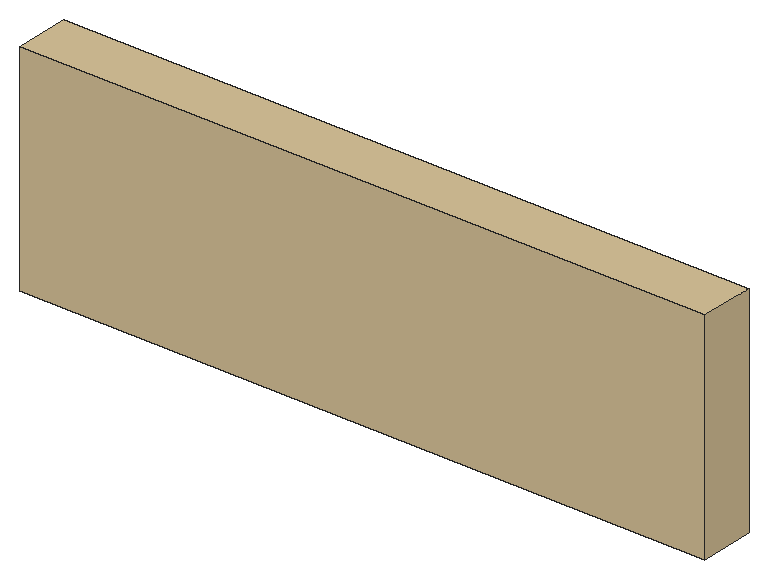
Revit family "Beam_Timber", category Structural Framing, Revit 2026
Family settings
  Section Shape = Not Defined
  Material for Model Behavior = Wood
  Always export as geometry = No
  Always vertical = Yes
  Cut with Voids When Loaded = No
  Symbolic Representation = From Family
  Shared = No
  Show family pre-cut in plan views = Yes
Parameters (values of type "Beam 200x800 Timber")
  Width = 200 mm
  Length [instance] = 3000 mm
  Height = 800 mm
Types (12, lengths in mm): name | Width | Height
  Beam 200x800 Timber | 200 | 800
  Beam 240x650 | 240 | 650
  Beam 220x1100 | 220 | 1100
  Beam 300x600 | 300 | 600
  Beam 200x515 | 200 | 515
  Beam 220x480 | 220 | 480
  Beam 200x570 | 200 | 570
  Beam 200x420 | 200 | 420
  Beam 200x800 | 200 | 800
  Beam 250x600 | 250 | 600
  Beam 200x500 | 200 | 500
  Beam 200x520 | 200 | 520
Reference planes
  plane 1 "Center (Front/Back)": y = 0
  plane 2 "Center Elevation": z = 0
  plane 3 "Center (Left/Right)": x = 0
  plane 4 "Left": x = -1500
  plane 5 "Member Left": x = -1250
  plane 6 "Stick Symbol Left": x = -1000
  plane 7 "Right": x = 1500
  plane 8 "Member Right": x = 1250
  plane 9 "Stick Symbol Right": x = 1000
  plane 10: y = 100
  plane 11: y = -100
  plane 12: z = -100
  plane 13: z = -400
Forms (mm)
  Extrusion 1, solid, material "Glulam", detail levels medium+fine
    sketch origin (0, 0, -250) x (0, 1, 0) y (0, 0, 1)
      loop
        line (100, 650) -> (-100, 650) -> (-100, -150) -> (100, -150) -> (100, 650)
    from -1250 to 1250
Dimensions and locks
  equal spacing: plane 4 "Left", plane 3 "Center (Left/Right)", plane 7 "Right"
  "Length": plane 4 "Left" to plane 7 "Right"
  "Height": Extrusion 1 to Extrusion 1
  "Width": Extrusion 1 to Extrusion 1
  plane 1 "Center (Front/Back)" to Extrusion 1 sketch curve = 100 mm
  aligned and locked: plane 10 to Extrusion 1 sketch curve
  aligned and locked: plane 13 to Extrusion 1 sketch curve
  aligned and locked: plane 5 "Member Left" to Extrusion 1
  aligned and locked: Extrusion 1 to plane 8 "Member Right"
  aligned and locked: level to plane 2 "Center Elevation"
Automatic sketch dimensions
  level to Extrusion 1 sketch curve = 400 mm
